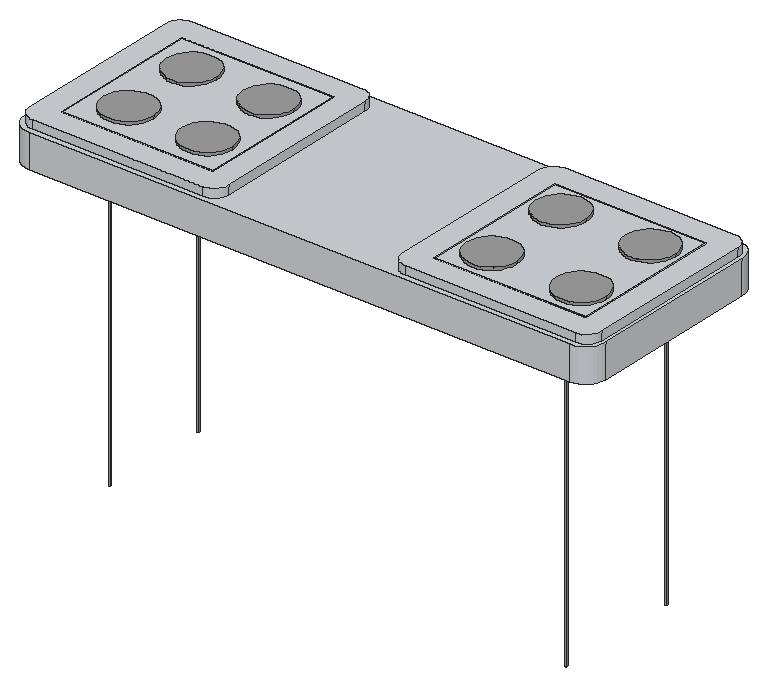
Revit family "LigULing-Industriale-GEWISS-SMART[4]UL_APPARECCHI-LED_2M", category Apparecchi per illuminazione, Revit 2019
Family settings
  Quota connettore circolare = Usa diametro
  Tipo di parte = Normale
  Numero OmniClass = 23.80.70.00
  Titolo OmniClass = Lighting
  Basato su piano di lavoro = Sì
  Sempre verticale = No
  Taglio con vuoti quando caricato = No
  Sorgente d'illuminazione = No
  Condiviso = No
  Punto di calcolo locali = No
Parameters (values of type "GWS4220GP857 - SMART4HB 2M ST.AL.ON/OFF UL 90° 57K")
  Voltaggio = 230 V
  Viti esterne = "Acciaio inox"
  Versione file RFA = "20.11"
  Vano di alimentazione = "Integrato"
  URL = "https://www.gewiss.com/it/it"
  Tolleranza cromatica = "SDCM = 3"
  Tipologia sorgente luminosa = "LED - Non sostituibile"
  Tipo di installazione e montaggio = "Plafone - Parete - Sospensione"
  Tipo di apparecchio = "Riflettore industriale a LED&nbsp;"
  Tensione di alimentazione = "120-277 V"
  Temperatura di stoccaggio = "-"
  Temperatura di esercizio = "-25°C / +40 °C"
  Temperatura di colore = "5700K"
  Superficie massima esposta al vento : = "0,184 m²"
  Spostamento_y_etichetta [instance] = 0 mm
  Spostamento_y_effettivo_etichetta [instance] = 1500 mm - Spostamento_y_etichetta  # 1500 mm
  Spostamento_x_etichetta [instance] = 0 mm
  Spostamento_X_effettivo_etichetta [instance] = 1500 mm - Spostamento_x_etichetta  # 1500 mm
  SostituibilitÃ  piastra di cablaggio = "Non sostituibile"
  SostituibilitÃ  gruppo ottico = "Non sostituibile"
  Sistema di controllo : = "ON / OFF"
  Sistema di controllo = "ON / OFF"
  Schermo = "Vetro Temprato Spessore 4mm"
  Scheda Tecnica = "https://www.gewiss.com/it/it/search?q=GWS4220GP857"
  SEO = ""
  Resistenza al filo incandescente = "850 °C"
  Resistenza agli urti = "IK08"
  Produttore = "GEWISS S.p.A."
  Potenza di sistema = "129W"
  Peso (kg): = "6,5"
  Ottica = "90°"
  Offset etichetta W [instance] = 150 mm
  Norma di riferimento = "UL 1598 - CSA C22.2 No. 250.0-18"
  Modello = "GWS4220GP857"
  Materiali = "-"
  Lumen output (lm) = "17800"
  Lampada = "LED"
  Installazione e manutenzione = "-"
  Informazioni generali = "-"
  Indice di resa cromatica = "CRI-80"
  Inclinazione = "Con accessorio staffa"
  Immagine tipo = GWL1311.jpg
  IPEA = "-"
  IFC.TypeObject = ""
  IFC.ExportType = ""
  IFC.ExportAs = ""
  IDT = "05376d21caf540b985b33c65cc7972c3"
  IDF = "e8aec9e3-8d40-4a75-89d3-d18f5753bf02"
  Guarnizioni = "tipo siliconico antinvecchiamento "
  Gruppo ottico = "Riflettore in PC metallizzato e lenti in PMMA"
  Grado di protezione = "IP66"
  Garanzia = "5 anni"
  Gancio di chiusura = "-"
  Frequenza nominale (Hz) = "50/60 Hz"
  Fissaggio = "-"
  Finitura colore = "Grigio RAL 7035"
  Etichetta wattaggio [instance] = yes
  Trasformatore = none
  Struttura plafoniera = none
  Spessore plafoniera = 40 mm  # constant formula
  Default Elevation = 1219.2 mm  # constant formula
  Proiettsmart2_simb [instance] = yes
  Plafoniera bidimensionale [instance] = not(Proiettsmart2_simb)  # no
  Efficienza luminosa (lm/W) = "138"
  Durata di vita = "L90B10 (Tq+25°C) = 100.000 h - L90B10 (Tq+40°C) = 50.000 h"
  Dispositivo di protezione = "DM 6 kV / CM 10 kV"
  Descrizione = "SMART[4]HB 2M ST.AL.ON/OFF UL 90° 57K"
  Creato da GEWISS S.p.A. = ""
  Corpo = "PA6 “Halogen Free” caricato fibra vetro"
  Controllo abbagliamento e luminanza = "UGR - 25"
  Contesto = "Illuminazione di logistiche e locali produttivi industriali"
  Commenti sul wattaggio = "97W"
  Colore = "Grigio RAL 7035"
  Codice digitale univoco (Datamatrix) = "Datamatrix"
  Codice Electrocod = "2444"
  Classificazione: = "-"
  Classificazione = Lighting
  Classe isolamento = "I"
  Classe fotobiologica = "RG0"
  Certificazioni e classificazioni = "-"
  Certificazione DIN 18032-3 = "-"
  Catalogo = "LIGHTING"
  Carico apparente = 97 VA
  Motore = none
  Mascherina = none
  Lunghezza = 699 mm  # constant formula
  Larghezza = 254 mm  # constant formula
  Distanza_tot_plafoniera [instance] = 350 mm
  Dist_sorg_lum = 10 mm  # constant formula
  Caratteristiche ottiche e illuminotecniche = "-"
  Caratteristiche elettriche e gestione della luce = "-"
  Cablaggio = "Cablaggio singolo con cavo antirespirazione che esce da PG metallico (NO Connettore) "
  COBie.Tagnumber = ""
  COBie.CreatedOn = ""
  COBie.CreatebBy = ""
  COBie.ComponentRegisterItemID = ""
  COBie.Component.TagNumber = ""
  COBie.Component.Space = ""
  COBie.Component.SerialNumber = ""
  COBie.Component.InstallationDate = ""
  COBie.Component.Description = ""
  COBie.Component.BarCode = ""
  Applicazione = "Interno"
  Apparecchio a ridotta temperatura superficiale = "Si"
  Alimentatore = "Incluso"
Types (6, lengths in mm): name | Temperatura di colore | Scheda Tecnica | SEO | Ottica | Modello | Lumen output (lm) | IDT | Gruppo ottico | Efficienza luminosa (lm/W) | Descrizione | Controllo abbagliamento e luminanza
  GWS4220GH840 - SMART4HB 2M ST.AL.ON/OFF UL 60° 40K | "4000K" | "https://www.gewiss.com/it/it/search?q=GWS4220GH840" | "" | "60°" | "GWS4220GH840" | "17500" | "97d5933927124bd8826c758e6a0542df" | "Riflettore in PC metallizzato e lenti in PMMA" | "136" | "SMART[4]HB 2M ST.AL.ON/OFF UL 60° 40K" | "UGR - 22"
  GWS4220GH857 - SMART4HB 2M ST.AL.ON/OFF UL 60° 57K | "5700K" | "https://www.gewiss.com/it/it/search?q=GWS4220GH857" | "" | "60°" | "GWS4220GH857" | "17500" | "1507181c991448608e9af723d8da7862" | "Riflettore in PC metallizzato e lenti in PMMA" | "136" | "SMART[4]HB 2M ST.AL.ON/OFF UL 60° 57K" | "UGR - 22"
  GWS4220GP840 - SMART4HB 2M ST.AL.ON/OFF UL 90° 40K | "4000K" | "https://www.gewiss.com/it/it/search?q=GWS4220GP840" | "" | "90°" | "GWS4220GP840" | "17800" | "dc7532d3af7f4ef48a0e9343ac62d3e8" | "Riflettore in PC metallizzato e lenti in PMMA" | "138" | "SMART[4]HB 2M ST.AL.ON/OFF UL 90° 40K" | "UGR - 25"
  GWS4220GP857 - SMART4HB 2M ST.AL.ON/OFF UL 90° 57K | "5700K" | "https://www.gewiss.com/it/it/search?q=GWS4220GP857" | "" | "90°" | "GWS4220GP857" | "17800" | "05376d21caf540b985b33c65cc7972c3" | "Riflettore in PC metallizzato e lenti in PMMA" | "138" | "SMART[4]HB 2M ST.AL.ON/OFF UL 90° 57K" | "UGR - 25"
  GWS4220GA840 - SMART4HB 2M ST.AL.ON/OFF UL ARR.40K | "4000K" | "https://www.gewiss.com/it/it/search?q=GWS4220GA840" | "High bay" | "Array" | "GWS4220GA840" | "17500" | "dc2a8f6b1f804ec080b8e0b0a216cd8e" | "Riflettore in PC metallizzato" | "136" | "SMART[4]HB 2M ST.AL.ON/OFF UL ARR.40K" | "UGR - 25"
  GWS4220GA857 - SMART4HB 2M ST.AL.ON/OFF UL ARR.57K | "5700K" | "https://www.gewiss.com/it/it/search?q=GWS4220GA857" | "High bay" | "Array" | "GWS4220GA857" | "17500" | "5f982d92e69a42babe56401c97b4903c" | "Riflettore in PC metallizzato" | "136" | "SMART[4]HB 2M ST.AL.ON/OFF UL ARR.57K" | "UGR - 25"
Reference planes
  plane 1 "Asse sorgente illuminazione (F/B)": y = 0
  plane 2: z = 0
  plane 3 "Asse sorgente illuminazione (L/R)": x = 0
  plane 4 "Prospetto sorgente di illuminazione": z = 1500
  plane 5: x = -349.5
  plane 6: y = 127
  plane 7: x = 349.5
  plane 8: y = -127
  plane 9: x = 344.5
  plane 10: x = -344.5
  plane 11: x = -104.5
  plane 12: x = 104.5
  plane 13: y = -1500
  plane 14: z = 390
  plane 15: z = 390
  plane 16: z = 400
  plane 17: z = 350
  plane 18: y = 0
  plane 19: x = -1500
  plane 20: x = 0
Dimensions and locks
  equal spacing: plane 6, plane 1 "Asse sorgente illuminazione (F/B)", plane 8
  "Larghezza": plane 6 to plane 8
  equal spacing: plane 5, plane 3 "Asse sorgente illuminazione (L/R)", plane 7
  "Lunghezza": plane 5 to plane 7
  locked: plane 5 to plane 10 at 5
  locked: plane 9 to plane 7 at 5
  locked: plane 16 to plane 14 at 10
  locked: plane 15 to plane 17 at 40
  "Distanza_tot_plafoniera": plane 17 to plane 2
  plane 1 "Asse sorgente illuminazione (F/B)" to plane 13 = 1500 mm
  "Spostamento_y_effettivo_etichetta": plane 18 to plane 13
  plane 19 to plane 3 "Asse sorgente illuminazione (L/R)" = 1500 mm
  "Spostamento_X_effettivo_etichetta": plane 19 to plane 20
  aligned and locked: level to plane 2
  aligned and locked: nested 15 to plane 14
  aligned and locked: plane 14 to nested 16
  aligned and locked: plane 16 to nested 8
  aligned and locked: nested 6 to plane 16
  aligned and locked: plane 16 to nested 7
  aligned and locked: nested 5 to plane 16
  aligned and locked: nested 3 to plane 16
  aligned and locked: plane 16 to nested 1
  aligned and locked: nested 4 to plane 16
  aligned and locked: plane 16 to nested 2
  aligned and locked: nested 11 to plane 2  (x2)
  aligned and locked: nested 10 to plane 2
  aligned and locked: nested 9 to plane 2
  aligned and locked: plane 14 to plane 15
  aligned and locked: plane 17 to nested 14
  aligned and locked: nested 17 to plane 18
  aligned and locked: nested 17 to plane 20
  aligned and locked: plane 2 to nested 18
  aligned and locked: plane 2 to nested 11
Nested families
  nested 1: "Gewis - Led" at (171.717, 52, 403), type "Gewis - Led", detail levels medium+fine
  nested 2: "Gewis - Led" at (279.5, 52, 403), type "Gewis - Led", detail levels medium+fine
  nested 3: "Gewis - Led" at (171.717, -52, 403), type "Gewis - Led", detail levels medium+fine
  nested 4: "Gewis - Led" at (279.5, -52, 403), type "Gewis - Led", detail levels medium+fine
  nested 5: "Gewis - Led" at (-174.5, 45, 403) x (-1, 0, 0) z (0, 0, 1), type "Gewis - Led", detail levels medium+fine
  nested 6: "Gewis - Led" at (-269.5, 47.625, 403) x (-1, 0, 0) z (0, 0, 1), type "Gewis - Led", detail levels medium+fine
  nested 7: "Gewis - Led" at (-174.5, -47.089, 403) x (-1, 0, 0) z (0, 0, 1), type "Gewis - Led", detail levels medium+fine
  nested 8: "Gewis - Led" at (-269.5, -47.089, 403) x (-1, 0, 0) z (0, 0, 1), type "Gewis - Led", detail levels medium+fine
  nested 9: "Sospensione_ SMART LAB 4" at (274.838, 81.5, 0), Altezza sospensione <- "Distanza_tot_plafoniera", type "Sospensione_ SMART LAB 4"
    with Altezza sospensione 350 mm, Default Elevation 350 mm
  nested 10: "Sospensione_ SMART LAB 4" at (274.838, -69, 0), Altezza sospensione <- "Distanza_tot_plafoniera", type "Sospensione_ SMART LAB 4"
    with Altezza sospensione 350 mm, Default Elevation 350 mm
  nested 11: "Sospensione_ SMART LAB 4" at (-276.662, -66.5, 0), Altezza sospensione <- "Distanza_tot_plafoniera", type "Sospensione_ SMART LAB 4"
    with Altezza sospensione 350 mm, Default Elevation 350 mm
  nested 12: "PROIETTSMART - 2" at (0, 0, 0), visible <- "Proiettsmart2_simb", type "PROIETTSMART - 2"
  nested 13: "Rappr_ bidimensionale_SMART (4)  4 + 4 L " at (0, 0, 0), visible <- "Plafoniera bidimensionale", type "SMART (4)  4 + 4 L_bidimensionale "
  nested 14: "Struttura_SMART 4" at (0, 0, 390), type "SMART 4 HB - 4+4L"
  nested 15: "mascherina_SMART (4)" at (-224.5, 0, 400) x (-1, 0, 0) z (0, 0, 1), type "Maschera_smart (4) 4L", detail levels fine
  nested 16: "mascherina_SMART (4)" at (224.5, 0, 400), type "Maschera_smart (4) 4L", detail levels fine
  nested 17: "ETICHETTA LIGHT" at (0, 0, 0), type "ETICHETTA LIGHT"
  nested 18: "Sospensione_ SMART LAB 4" at (-276.662, 66.5, 0), Altezza sospensione <- "Distanza_tot_plafoniera", type "Sospensione_ SMART LAB 4"
    with Altezza sospensione 350 mm, Default Elevation 350 mm
Connectors
  electrical at (0.009, -0.098, 350), driven by "Carico apparente"
    settings: on nested 14, index 1, voltage 230 V, apparent load 0 VA, apparent load phase1 97 VA, apparent load phase2 0 VA, apparent load phase3 0 VA, power factor 1, load classification "Lighting", number of poles 2, system type 31, power factor state 1, is connector primary yes, connector utility no, sub classification motor no, connector description ""
Definition of nested family "Gewis - Led"
  Parameters (values of type "Gewis - Led")
    Vetro = none
    Raggio led = 30 mm
    Default Elevation = 1219.2 mm
    Estensione vetro = 3 mm
  Reference planes
    plane 1 "Centro (Fronte/Retro)": y = 0
    plane 2: z = 0
    plane 3 "Centro (Sinistra/Destra)": x = 0
  Forms (mm)
    Extrusion 1, solid, material <- "Vetro"
      sketch origin (0, 0, 0) x (1, 0, 0) y (0, 1, 0)
        loop
          circle (0, 0) r 30
      from -3 to 0
  Dimensions and locks
    "Estensione vetro": level to Extrusion 1
    "Raggio led": radius of Extrusion 1 sketch curve
    aligned and locked: level to plane 2
    aligned and locked: level to Extrusion 1
  Automatic sketch dimensions
    plane 1 "Centro (Fronte/Retro)" to Extrusion 1 sketch curve = 0 mm
    Extrusion 1 sketch curve to plane 3 "Centro (Sinistra/Destra)" = 0 mm
Definition of nested family "Sospensione_ SMART LAB 4"
  Parameters (values of type "Sospensione_ SMART LAB 4")
    Default Elevation = 400 mm
    Altezza sospensione [instance] = 500 mm
  Reference planes
    plane 1 "Center (Front/Back)": y = 0
    plane 2: z = 0
    plane 3 "Center (Left/Right)": x = 0
    plane 4: z = 500
    plane 5: z = 30.7
  Forms (mm)
    Extrusion 1, solid
      sketch origin (0, 0, 0) x (1, 0, 0) y (0, 1, 0)
        loop
          circle (0, -0.028) r 1.25
      from 0 to 500
  Lines and regions (mm)
    model lines, not visible
      curve 1: line (0, 0, 0) -> (0, 0, 9.482)
  Dimensions and locks
    "Altezza sospensione": plane 4 to level
    plane 2 to plane 4 = 500 mm
    aligned and locked: level to plane 2
    aligned and locked: Extrusion 1 to plane 2
    aligned and locked: plane 4 to Extrusion 1
  Automatic sketch dimensions
    Extrusion 1 sketch curve to plane 3 "Center (Left/Right)" = 0 mm
    plane 1 "Center (Front/Back)" to Extrusion 1 sketch curve = 0.028 mm
    curve 1 to plane 3 "Center (Left/Right)" = 0 mm
    curve 1 to level = 0 mm
    curve 1 to curve 1 = 9.482 mm
    radius of Extrusion 1 sketch curve = 1.25 mm
Definition of nested family "Struttura_SMART 4"
  Parameters (values of type "SMART 4 HB - 4+4L")
    Struttura plafoniera = none
    Spessore_plafoniera = 40 mm
    Lunghezza = 699 mm
    Larghezza = 254 mm
  Types (2, lengths in mm): name | Lunghezza | Larghezza
    SMART Lab (4) 4L | 383 | 253
    SMART 4 HB - 4+4L | 699 | 254
  Reference planes
    plane 1 "Asse sorgente illuminazione (F/B)": y = 0
    plane 2: z = 0
    plane 3 "Asse sorgente illuminazione (L/R)": x = 0
    plane 4 "Prospetto sorgente di illuminazione": z = -40
    plane 5 "SX": x = -349.5
    plane 6 "DX": x = 349.5
    plane 7 "DIETRO": y = 127
    plane 8 "AVANTI": y = -127
    plane 9: x = 106.5
    plane 10: x = 338.5
    plane 11: y = -116
    plane 12: y = 116
    plane 13: x = -338.5
    plane 14: x = -106.5
  Forms (mm)
    Extrusion 1, solid, material <- "Struttura plafoniera"
      sketch origin (0, 0, 0) x (1, 0, 0) y (0, 1, 0)
        loop
          line (349.5, -102.595) -> (349.5, 102.59)
          arc (349.5, 102.59) -> (342.35, 119.85) -> (325.09, 127) r 24.41
          line (325.09, 127) -> (-325.009, 127)
          arc (-325.009, 127) -> (-342.554, 119.6) -> (-349.5, 101.871) r 24.499
          line (-349.5, 101.871) -> (-349.5, -102.592)
          arc (-349.5, -102.592) -> (-342.351, -119.851) -> (-325.092, -127) r 24.408
          line (-325.092, -127) -> (325.117, -127)
          arc (325.117, -127) -> (342.334, -119.868) -> (349.465, -102.652) r 24.348
      from -40 to 0
  Dimensions and locks
    equal spacing: plane 5 "SX", plane 3 "Asse sorgente illuminazione (L/R)", plane 6 "DX"
    equal spacing: plane 7 "DIETRO", plane 1 "Asse sorgente illuminazione (F/B)", plane 8 "AVANTI"
    "Lunghezza": plane 5 "SX" to plane 6 "DX"
    "Larghezza": plane 7 "DIETRO" to plane 8 "AVANTI"
    locked: plane 7 "DIETRO" to plane 12 at 11
    locked: plane 11 to plane 8 "AVANTI" at 11
    locked: plane 10 to plane 6 "DX" at 11
    locked: plane 9 to plane 10 at 232
    plane 13 to plane 14 = 232 mm
    locked: plane 5 "SX" to plane 13 at 11
    "Spessore_plafoniera": plane 2 to plane 4 "Prospetto sorgente di illuminazione"
    aligned and locked: level to plane 2
    aligned and locked: Extrusion 1 to plane 5 "SX"
    aligned and locked: Extrusion 1 to plane 8 "AVANTI"  (x2)
    aligned and locked: plane 7 "DIETRO" to Extrusion 1
    aligned and locked: plane 6 "DX" to Extrusion 1
    aligned and locked: plane 4 "Prospetto sorgente di illuminazione" to Extrusion 1
    aligned and locked: plane 2 to Extrusion 1
  Automatic sketch dimensions
    Extrusion 1 sketch curve to plane 5 "SX" = 0 mm
    Extrusion 1 sketch curve to plane 8 "AVANTI" = 0 mm
    Extrusion 1 sketch curve to plane 7 "DIETRO" = 0 mm
    Extrusion 1 sketch curve to plane 6 "DX" = 0 mm
    plane 13 to Extrusion 1 sketch curve = 13.408 mm
    plane 13 to Extrusion 1 sketch curve = 13.491 mm
    Extrusion 1 sketch curve to plane 10 = 13.41 mm
    Extrusion 1 sketch curve to plane 10 = 13.383 mm
    plane 11 to Extrusion 1 sketch curve = 13.348 mm
    Extrusion 1 sketch curve to plane 12 = 14.129 mm
    Extrusion 1 sketch curve to Extrusion 1 sketch curve = 0.056 mm
Definition of nested family "mascherina_SMART (4)"
  Parameters (values of type "Maschera_smart (4) 4L")
    Spessore_mascherina = 10 mm
    Default Elevation = 1219.2 mm
    N.intarsi = (Lunghezza_mascherina - (Bordo * 2)) / 15 mm  # 12
    N._intarsi verticale = (Larghezza_mascherina - (Bordo * 2)) / 17 mm  # 11
    Mascherina = none
    Lunghezza_mascherina = 240 mm
    Larghezza_mascherina = 240 mm
    Distanza_intarsi v. = 41 mm  # constant formula
    Distanza_intarsi = 37 mm  # constant formula
    Bordo = 29 mm
  Reference planes
    plane 1 "Centro (Fronte/Retro)": y = 0
    plane 2: z = 0
    plane 3 "Centro (Sinistra/Destra)": x = 0
    plane 4: x = -120
    plane 5 "Dietro": y = 120
    plane 6: x = 120
    plane 7: y = -120
    plane 8: x = -91
    plane 9: y = -91
    plane 10: x = 91
    plane 11: y = 91
    plane 12: x = -83
    plane 13: y = 94.742
    plane 14: y = -95
    plane 15: z = -10
    plane 16: x = -95
    plane 17: y = 79
    plane 18: y = -79
    plane 19: x = 95
    plane 20: z = -4.799
  Forms (mm)
    Extrusion 1, solid, material <- "Mascherina"
      sketch origin (0, 0, 0) x (1, 0, 0) y (0, 1, 0)
        loop
          arc (-102.5, 120) -> (-114.874, 114.874) -> (-120, 102.5) r 17.5
          line (-120, 102.5) -> (-120, -102.5)
          arc (-120, -102.5) -> (-114.874, -114.874) -> (-102.5, -120) r 17.5
          line (-102.5, -120) -> (102.5, -120)
          arc (102.5, -120) -> (114.874, -114.874) -> (120, -102.5) r 17.5
          line (120, -102.5) -> (120, 102.5)
          arc (120, 102.5) -> (114.874, 114.874) -> (102.5, 120) r 17.5
          line (102.5, 120) -> (-102.5, 120)
        loop
          line (-91, 91) -> (-91, -91) -> (91, -91) -> (91, 91) -> (-91, 91)
      from -10 to 0
    Extrusion 2, solid, material <- "Mascherina"
      sketch origin (0, 0, 0) x (1, 0, 0) y (0, 1, 0)
        loop
          line (-91, 91) -> (-91, -91) -> (91, -91) -> (91, 91) -> (-91, 91)
      from -4.799 to 0
  Dimensions and locks
    equal spacing: plane 4, plane 3 "Centro (Sinistra/Destra)", plane 6
    "Lunghezza_mascherina": plane 4 to plane 6
    equal spacing: plane 5 "Dietro", plane 1 "Centro (Fronte/Retro)", plane 7
    "Larghezza_mascherina": plane 5 "Dietro" to plane 7
    "Bordo": plane 4 to plane 8
    "Bordo": plane 9 to plane 7
    "Bordo": plane 5 "Dietro" to plane 11
    "Bordo": plane 10 to plane 6
    "Distanza_intarsi": plane 4 to plane 12
    locked: plane 13 to plane 11 at 3.742
    "Spessore_mascherina": plane 2 to plane 15
    "Distanza_intarsi v.": plane 5 "Dietro" to plane 17
    "Distanza_intarsi v.": plane 18 to plane 7
    locked: plane 9 to plane 14 at 4
    locked: plane 16 to plane 8 at 4
    locked: plane 10 to plane 19 at 4
    locked: plane 2 to plane 20 at 4.799
    radius of Extrusion 1 sketch curve = 17.5 mm  (x4)
    aligned and locked: level to plane 2
    aligned and locked: plane 4 to Extrusion 1 sketch curve
    aligned and locked: plane 6 to Extrusion 1 sketch curve
    aligned and locked: Extrusion 1 sketch curve to plane 5 "Dietro"
    aligned and locked: Extrusion 1 sketch curve to plane 7
    aligned and locked: Extrusion 1 sketch curve to plane 11
    aligned and locked: plane 8 to Extrusion 1 sketch curve
    aligned and locked: plane 9 to Extrusion 1 sketch curve
    aligned and locked: Extrusion 1 sketch curve to plane 10
    aligned and locked: plane 2 to Extrusion 1
    aligned and locked: Extrusion 1 to plane 15
    aligned and locked: Extrusion 2 sketch curve to plane 10
    aligned and locked: plane 9 to Extrusion 2 sketch curve
    aligned and locked: plane 8 to Extrusion 2 sketch curve
    aligned and locked: Extrusion 2 sketch curve to plane 11
    aligned and locked: plane 2 to Extrusion 2
    aligned and locked: Extrusion 2 to plane 20
Definition of nested family "PROIETTSMART - 2"
  Reference planes
    plane 1 "Centro (Fronte/Retro)": y = 0
    plane 2: z = 0
    plane 3 "Centro (Sinistra/Destra)": x = 0
  Lines and regions (mm)
    model lines, in view "Livello rif."
      curve 1: line (87.132, -21.515, 0) -> (43.932, -0.008, 0)
      curve 2: line (43.932, -0.008, 0) -> (87.132, 21.758, 0)
      curve 3: line (87.132, 21.758, 0) -> (87.132, -21.515, 0)
      curve 4: line (43.932, 21.629, 0) -> (43.932, -21.645, 0)
      curve 5: line (43.932, -0.008, 0) -> (18.672, -0.008, 0)
      curve 6: line (87.132, 0.122, 0) -> (105.785, 0.122, 0)
      curve 7: line (128.701, 66.747, 0) -> (128.701, -66.747, 0)
      curve 8: line (128.701, -66.747, 0) -> (-131.299, -66.747, 0)
      curve 9: line (-131.299, -66.747, 0) -> (-131.299, 66.747, 0)
      curve 10: line (-131.299, 66.747, 0) -> (128.701, 66.747, 0)
      curve 11: line (12.311, 49.667, 0) -> (111.66, 49.667, 0)
      curve 12: line (111.66, 49.667, 0) -> (111.66, -49.683, 0)
      curve 13: line (111.66, -49.683, 0) -> (12.311, -49.683, 0)
      curve 14: line (12.311, -49.683, 0) -> (12.311, 49.667, 0)
      curve 15: line (-39.438, -21.515, 0) -> (-82.637, -0.008, 0)
      curve 16: line (-82.637, -0.008, 0) -> (-39.438, 21.758, 0)
      curve 17: line (-39.438, 21.758, 0) -> (-39.438, -21.515, 0)
      curve 18: line (-82.637, 21.629, 0) -> (-82.637, -21.645, 0)
      curve 19: line (-82.637, -0.008, 0) -> (-107.898, -0.008, 0)
      curve 20: line (-39.438, 0.122, 0) -> (-20.785, 0.122, 0)
      curve 21: line (-114.259, 49.667, 0) -> (-14.909, 49.667, 0)
      curve 22: line (-14.909, 49.667, 0) -> (-14.909, -49.683, 0)
      curve 23: line (-14.909, -49.683, 0) -> (-114.259, -49.683, 0)
      curve 24: line (-114.259, -49.683, 0) -> (-114.259, 49.667, 0)
Definition of nested family "Rappr_ bidimensionale_SMART (4)  4 + 4 L "
  Reference planes
    plane 1 "Centro (Fronte/Retro)": y = 0
    plane 2: z = 0
    plane 3 "Centro (Sinistra/Destra)": x = 0
  Lines and regions (mm)
    model lines, in view "Livello rif."
      curve 1: circle (175.602, 47.039, 0) r 28.619 normal (0, 0, 1)
      curve 2: circle (269.602, -46.961, 0) r 28.619 normal (0, 0, 1)
      curve 3: circle (175.602, -46.961, 0) r 28.619 normal (0, 0, 1)
      curve 4: circle (269.602, 47.039, 0) r 28.619 normal (0, 0, 1)
      curve 5: arc (103.203, -104.051, 0) -> (107.722, -114.924, 0) -> (118.601, -119.425, 0) r 15.398
      curve 6: arc (-118.547, -119.425, 0) -> (-107.659, -114.915, 0) -> (-103.149, -104.027, 0) r 15.398
      curve 7: arc (-103.149, 103.973, 0) -> (-107.668, 114.87, 0) -> (-118.571, 119.371, 0) r 15.398
      curve 8: arc (-326.571, 119.371, 0) -> (-337.453, 114.844, 0) -> (-341.945, 103.948, 0) r 15.398
      curve 9: arc (-341.945, -104.002, 0) -> (-337.444, -114.906, 0) -> (-326.547, -119.425, 0) r 15.398
      curve 10: arc (326.601, -119.425, 0) -> (337.498, -114.906, 0) -> (342, -104.002, 0) r 15.398
      curve 11: arc (342, 103.998, 0) -> (337.472, 114.878, 0) -> (326.577, 119.371, 0) r 15.398
      curve 12: arc (118.577, 119.371, 0) -> (107.713, 114.861, 0) -> (103.203, 103.997, 0) r 15.398
      curve 13: arc (-349.401, -104, 0) -> (-342.727, -120.168, 0) -> (-326.575, -126.881, 0) r 22.854
      curve 14: arc (-326.574, 126.827, 0) -> (-342.707, 120.133, 0) -> (-349.401, 104, 0) r 22.854
      curve 15: arc (349.455, 104, 0) -> (342.742, 120.152, 0) -> (326.574, 126.827, 0) r 22.854
      curve 16: arc (326.573, -126.881, 0) -> (342.761, -120.187, 0) -> (349.455, -104, 0) r 22.854
      curve 17: circle (-175.548, -47.093, 0) r 28.619 normal (0, 0, 1)
      curve 18: circle (-269.548, 46.907, 0) r 28.619 normal (0, 0, 1)
      curve 19: circle (-175.548, 46.907, 0) r 28.619 normal (0, 0, 1)
      curve 20: circle (-269.548, -47.093, 0) r 28.619 normal (0, 0, 1)
      curve 21: line (130.101, -92.527, 0) -> (130.101, 92.473, 0)
      curve 22: line (130.101, 92.473, 0) -> (315.101, 92.473, 0)
      curve 23: line (315.101, 92.473, 0) -> (315.101, -92.527, 0)
      curve 24: line (315.101, -92.527, 0) -> (130.101, -92.527, 0)
      curve 25: line (103.203, -104.051, 0) -> (103.203, 103.997, 0)
      curve 26: line (118.601, -119.425, 0) -> (326.601, -119.425, 0)
      curve 27: line (-326.547, -119.425, 0) -> (-118.547, -119.425, 0)
      curve 28: line (-103.149, -104.027, 0) -> (-103.149, 103.973, 0)
      curve 29: line (-326.571, 119.371, 0) -> (-118.571, 119.371, 0)
      curve 30: line (-341.945, -104.002, 0) -> (-341.945, 103.948, 0)
      curve 31: line (342, -104.002, 0) -> (342, 103.998, 0)
      curve 32: line (118.577, 119.371, 0) -> (326.577, 119.371, 0)
      curve 33: line (-349.401, -104, 0) -> (-349.401, 104, 0)
      curve 34: line (326.574, 126.827, 0) -> (-326.574, 126.827, 0)
      curve 35: line (349.455, -104, 0) -> (349.455, 104, 0)
      curve 36: line (326.573, -126.881, 0) -> (-326.575, -126.881, 0)
      curve 37: line (-130.047, -92.527, 0) -> (-315.047, -92.527, 0)
      curve 38: line (-315.047, -92.527, 0) -> (-315.047, 92.473, 0)
      curve 39: line (-315.047, 92.473, 0) -> (-130.047, 92.473, 0)
      curve 40: line (-130.047, 92.473, 0) -> (-130.047, -92.527, 0)
Definition of nested family "ETICHETTA LIGHT"
  Parameters (values of type "ETICHETTA LIGHT")
    COMMENTI = "236W"
  Reference planes
    plane 1: y = 0
    plane 2: x = 0
  Text (mm)
    label "COMMENTI" at (-0.057, 0.105, 0), shows "COMMENTI"
